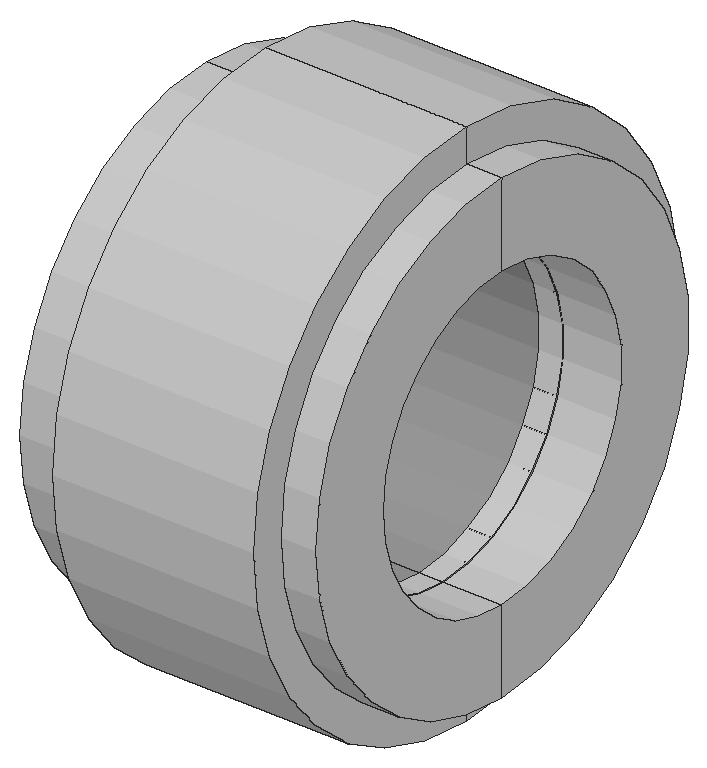
Revit family "6294_Klemmset G1_2 (metallisch dichtend)", category Rohrformteile, Revit 2021
Family settings
  Bemaßung runder Anschluss = Durchmesser verwenden
  Teiletyp = Verbindung
  OmniClass-Nummer = 23.65.55.14
  OmniClass-Titel = Valves for Liquid Services
  Arbeitsebenenbasiert = Nein
  Immer vertikal = Ja
  Beim Laden mit Abzugskörper schneiden = Nein
  Gemeinsam genutzt = Nein
Parameters (values of type "G1/2 x 15x1")
  Vorgabe-Ansicht = 0.00 mm
  URL = "www.herz-armaturen.at"
  SCRNSEQ = "AWI;AWI_TYP=\"1001\";2"
  SCRNCODE = "07;01;02"  # constant formula
  S02 = 5.00 mm  # constant formula
  S01 = 5.00 mm  # constant formula
  Nennweite_Stahl [instance] = 15.00 mm  # constant formula
  Nennweite_Kupfer [instance] = 15.00 mm  # constant formula
  Mutter = "CW614N, G 1/2"  # constant formula
  Medium = "Heizungswasser nach ÖNORM H5195 oder VDI- Richtlinie 2035.\r\nDie Verwendung von Ethylen- oder Propyleneglykol in einem Mischungsverhältnis 25- 50% ist zulässig."
  Max. Betriebstemperatur = 110 °C  # constant formula
  Max. Betriebsdruck = "gemäß EN 1254-2: 1988, Tabelle 5"  # constant formula
  ML03 = 10.80 mm  # constant formula
  ML02 [instance] = 1.80 mm  # constant formula
  ML01 [instance] = 3.00 mm  # constant formula
  ML00 [instance] = 15.00 mm  # constant formula
  MD03 [instance] = 7.60 mm  # constant formula
  MD02 [instance] = 9.30 mm  # constant formula
  MD01 [instance] = 13.50 mm  # constant formula
  MD00 [instance] = 11.80 mm  # constant formula
  Klemmring = "CW614N"  # constant formula
  KL01 = 3.00 mm  # constant formula
  KL00 [instance] = 8.00 mm  # constant formula
  KH01 = 1.10 mm  # constant formula
  KH00 [instance] = 0.80 mm  # constant formula
  Hersteller = "HERZ Armaturen Ges.m.b.H."  # constant formula
  Bestellnummer [instance] = 1629401  # constant formula
  Ausführung = "6294 G1/2 - 15mm:\r\nKlemmring metallisch dichtend zum Rohr, Klemmringmutter G 1/2.\r\nEinsetzbar für Weichstahl- und Kupferrohre.\r\nNicht geeignet für verchromte Metallrohre oder Edelstahlrohre."
  Anwendungsgebiet = "Der Klemmring stellt eine absolut sichere Verbindung zwischen dem Ventilgehäuse und dem Rohr dar.\r\nDiese Verbindung eignet sich besonders für Kupferrohre und dünnwandige Stahlrohre und kann bei Bedarf jederzeit gelöst werden.\r\nEine einwandfreie Dichtheit auf Dauer ist dann gegeben, wenn die Montage gemäß der Verarbeitungsanleitung durchgeführt wurde.\r\r\n\r\nNach Anzug der Klemmschraube verkeilt sich der Klemmring zwischen Rohrwand und Innenkonus von Gehäuse und Klemmschraube.\r\nDabei wird das Rohr in seiner Lage durch Kraftschluss fixiert und gegen Axialverschiebung gesichert.\r\nDie dabei entstehende Pressung sorgt für sichere Dichtheit.\r\nDie innen im Klemmring befindlichen Rillen stellen eine Labyrinthdichtung dar und helfen Unebenheiten des Rohres zu überbrücken.\r\n\r\nDie Klemmverschraubung kann mehrmals gelöst werden und stellt eine einfache und sichere Verbindung dar.\r\nFür die Güte der Verbindung ist es wichtig, dass das Rohr gegen den Anschlag im Innenkonus stößt, also ausreichend tief eingeschoben ist.\r\n\r\nDie asymetrischen Klemmringe (6274, 6284, 6294) mit integrierten Reduzierhüllen ermöglichen den Rohranschluss von Rohren mit Durchmesser 8 - 16mm an einen Ventilkörper.\r\nDiese Ausführung stellt ein Optimum an Kombinationsmöglichkeiten sicher."
Reference planes
  plane 1 "Mitte (Vorne/hinten)": y = 0
  plane 2: z = 0
  plane 3 "Mitte (Links/rechts)": x = 0
Forms (mm)
  Revolve 1, solid, material "Messing, vernickelt", detail levels fine
    sketch origin (0, 0, 0) x (1, 0, 0) y (0, 0, 1)
      loop
        line (0, 9.3) -> (10.8, 9.3) -> (10.8, 7.6) -> (15, 7.6) -> (15, 11.8) -> (13.2, 11.8) -> (13.2, 13.5) -> (3, 13.5) -> (3, 11.8) -> (0, 11.8) -> (0, 9.3)
      axis (0, 0) -> (15, 0)
    angle from 0 to 360
  Revolve 2, solid, material "Messing, weicher Gelbton, geschweißt", detail levels fine
    sketch origin (0, 0, 0) x (1, 0, 0) y (0, 0, 1)
      loop
        line (4, 7.6) -> (12, 7.6) -> (12, 8.4)
        arc (12, 8.4) -> (8, 8.7) -> (4, 8.4) r 26.817
        line (4, 8.4) -> (4, 7.6)
      axis (4, 0) -> (12, 0)
    angle from 0 to 360
Lines and regions (mm)
  model lines, detail levels coarse+medium
    curve 1: line (0, 0, 0) -> (15, 0, 0)
    curve 2: line (5, 0, 13.5) -> (5, 0, -13.5)
    curve 3: line (5, 0, -13.5) -> (10, 0, -13.5)
    curve 4: line (10, 0, -13.5) -> (5, 0, 0)
    curve 5: line (5, 0, 13.5) -> (10, 0, 13.5)
    curve 6: line (10, 0, 13.5) -> (5, 0, 0)
    curve 7: line (5, 13.5, 0) -> (5, -13.5, 0)
    curve 8: line (5, -13.5, 0) -> (10, -13.5, 0)
    curve 9: line (10, -13.5, 0) -> (5, 0, 0)
    curve 10: line (5, 13.5, 0) -> (10, 13.5, 0)
    curve 11: line (10, 13.5, 0) -> (5, 0, 0)
Dimensions and locks
  "MD02": Revolve 1 sketch curve to plane 2
  "MD00": Revolve 1 sketch curve to plane 2  (x2)
  "MD01": Revolve 1 sketch curve to plane 2
  "ML00": Revolve 1 sketch curve to plane 3 "Mitte (Links/rechts)"
  "ML01": Revolve 1 sketch curve to Revolve 1 sketch curve
  "ML02": Revolve 1 sketch curve to Revolve 1 sketch curve
  "KL00": Revolve 2 sketch curve to Revolve 2 sketch curve
  "MD03": Revolve 2 sketch curve to plane 2
  "MD03": Revolve 1 sketch curve to plane 2
  "ML03": Revolve 1 sketch curve to Revolve 1 sketch curve
  "KH00": Revolve 2 sketch curve to Revolve 2 sketch curve  (x2)
  "KH01": Revolve 2 sketch curve to Revolve 2 sketch curve
  "KL01": Revolve 2 sketch curve to Revolve 1
  "ML00": curve 1 to curve 1
  "S01": curve 2 to plane 3 "Mitte (Links/rechts)"
  "S02": curve 2 to curve 6
  "MD01": curve 5 to plane 2 to curve 3
  "S01": plane 3 "Mitte (Links/rechts)" to curve 7
  "S02": curve 7 to curve 11
  "MD01": curve 8 to plane 1 "Mitte (Vorne/hinten)" to curve 10
  aligned and locked: level to plane 2
Automatic sketch dimensions
  curve 1 to level = 0.00 mm
  curve 1 to plane 3 "Mitte (Links/rechts)" = 0.00 mm
  curve 4 to level = 0.00 mm
  curve 2 to curve 4 = 5.00 mm
  plane 1 "Mitte (Vorne/hinten)" to curve 9 = 0.00 mm
  plane 1 "Mitte (Vorne/hinten)" to curve 11 = 0.00 mm
  curve 7 to curve 8 = 5.00 mm
  Revolve 1 sketch curve to level = 0.00 mm
  Revolve 1 sketch curve to plane 3 "Mitte (Links/rechts)" = 0.00 mm
  Revolve 1 sketch curve to plane 3 "Mitte (Links/rechts)" = 1506.53 mm
  Revolve 1 sketch curve to Revolve 1 sketch curve = 1818.648 mm
  Revolve 2 sketch curve to level = 0.00 mm
  Revolve 2 sketch curve to plane 3 "Mitte (Links/rechts)" = 1506.53 mm
  Revolve 2 sketch curve to Revolve 2 sketch curve = 1826.155 mm
Connectors
  piping at (10.8, 0, 0), diameter 15, driven by "Nennweite_Stahl"
    settings: on Revolve 1, index 1, connector inside diameter 609.6 mm, connector length 0.00 mm, flow factor 0, pipe flow 0.0 L/s, pressure drop 0.0 Pa, fitting loss kfactor 0, connector angle 0.00°, fixture units 0, engagement length 0.00 mm, angle of deflection 0.00°, flow configuration 0, flow direction 0, fitting loss method 0, system type 29, joint type 0, gender type 0, connector reference index -1, connector utility 0, adjustable connector no, is connector primary yes, connector description ""
  piping at (12, 0, 0), diameter 15, driven by "Nennweite_Kupfer"
    settings: on Revolve 2, index 2, connector inside diameter 609.6 mm, connector length 0.00 mm, flow factor 0, pipe flow 0.0 L/s, pressure drop 0.0 Pa, fitting loss kfactor 0, connector angle 0.00°, fixture units 0, engagement length 0.00 mm, angle of deflection 0.00°, flow configuration 0, flow direction 0, fitting loss method 0, system type 29, joint type 0, gender type 0, connector reference index -1, connector utility 0, adjustable connector no, is connector primary no, connector description ""
